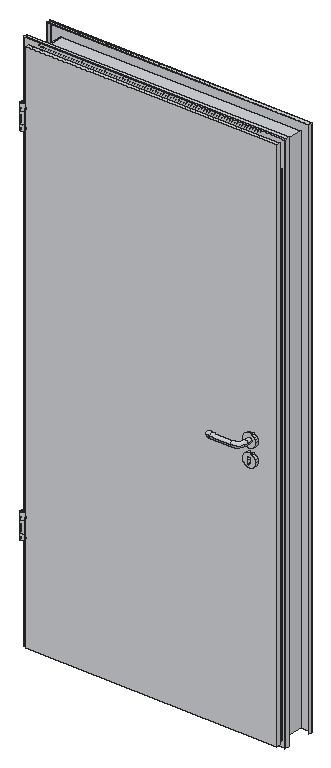
Revit family "BOS-Blockzarge-15ZBud-zw-2-Waenden_Familie", category Türen, Revit 2017 (continued)
Definition of nested family "BOS-Band-VX_Modell"
  Automatic sketch dimensions
    Extrusion 4 sketch curve to Extrusion 4 sketch curve = 1.75 mm
    Extrusion 5 sketch curve to Extrusion 5 sketch curve = 0 mm  (x6)
    curve 1 to Extrusion 5 sketch curve = 0 mm  (x2)
    Extrusion 5 sketch curve to curve 1 = 63.66 mm
    Extrusion 5 sketch curve to Extrusion 5 sketch curve = 3.031 mm
    Extrusion 5 sketch curve to curve 1 = 57.91 mm
    Extrusion 5 sketch curve to curve 1 = 56.564 mm
    Extrusion 5 sketch curve to Extrusion 5 sketch curve = 0.548 mm
    Extrusion 5 sketch curve to Extrusion 5 sketch curve = 1.017 mm
    Extrusion 5 sketch curve to curve 1 = 54.879 mm
    Extrusion 5 sketch curve to Extrusion 5 sketch curve = 3.25 mm
    Extrusion 5 sketch curve to Extrusion 5 sketch curve = 1.75 mm
    Extrusion 6 sketch curve to Extrusion 6 sketch curve = 0 mm  (x6)
    Extrusion 6 sketch curve to curve 1 = 0 mm  (x2)
    Extrusion 6 sketch curve to curve 1 = 5.051 mm
    Extrusion 6 sketch curve to Extrusion 6 sketch curve = 4.091 mm
    Extrusion 6 sketch curve to curve 1 = 7.771 mm
    Extrusion 6 sketch curve to Extrusion 6 sketch curve = 2.203 mm
    Extrusion 6 sketch curve to Extrusion 6 sketch curve = 7.729 mm
    Extrusion 7 sketch curve to Extrusion 7 sketch curve = 0 mm  (x6)
    Extrusion 7 sketch curve to curve 1 = 0 mm  (x2)
    Extrusion 7 sketch curve to curve 1 = 5.051 mm
    Extrusion 7 sketch curve to Extrusion 7 sketch curve = 4.091 mm
    Extrusion 7 sketch curve to curve 1 = 7.771 mm
    Extrusion 7 sketch curve to Extrusion 7 sketch curve = 2.203 mm
    Extrusion 7 sketch curve to Extrusion 7 sketch curve = 7.729 mm
    Extrusion 8 sketch curve to plane 1 = 0 mm
    plane 1 to Extrusion 8 sketch curve = 11.45 mm
    Extrusion 8 sketch curve to plane 3 = 11 mm
    Extrusion 8 sketch curve to plane 1 = 1.733 mm
    Extrusion 8 sketch curve to Extrusion 8 sketch curve = 1.151 mm
    Extrusion 8 sketch curve to Extrusion 8 sketch curve = 3.454 mm
    plane 1 to Extrusion 8 sketch curve = 7.193 mm
    Extrusion 8 sketch curve to Extrusion 8 sketch curve = 0.599 mm
    Extrusion 8 sketch curve to plane 1 = 1.214 mm
    Extrusion 8 sketch curve to Extrusion 8 sketch curve = 3.496 mm
    plane 1 to Extrusion 8 sketch curve = 4.667 mm
    Extrusion 8 sketch curve to Extrusion 8 sketch curve = 2.431 mm
    Extrusion 8 sketch curve to Extrusion 8 sketch curve = 0.001 mm
    Extrusion 8 sketch curve to Extrusion 8 sketch curve = 0.021 mm
    Extrusion 8 sketch curve to plane 1 = 0.017 mm
    Extrusion 8 sketch curve to Extrusion 8 sketch curve = 0.149 mm
    Extrusion 8 sketch curve to Extrusion 8 sketch curve = 2.05 mm
    Extrusion 9 sketch curve to Extrusion 9 sketch curve = 0 mm  (x6)
    Extrusion 9 sketch curve to curve 1 = 0 mm
    curve 1 to Extrusion 9 sketch curve = 0 mm
    Extrusion 9 sketch curve to curve 1 = 5.051 mm
    Extrusion 9 sketch curve to Extrusion 9 sketch curve = 4.091 mm
    Extrusion 9 sketch curve to curve 1 = 7.771 mm
    Extrusion 9 sketch curve to Extrusion 9 sketch curve = 2.203 mm
    Extrusion 9 sketch curve to Extrusion 9 sketch curve = 7.729 mm
    Extrusion 10 sketch curve to Extrusion 10 sketch curve = 0 mm  (x6)
    Extrusion 10 sketch curve to curve 1 = 0 mm
    curve 1 to Extrusion 10 sketch curve = 0 mm
    Extrusion 10 sketch curve to curve 1 = 5.051 mm
    Extrusion 10 sketch curve to Extrusion 10 sketch curve = 4.091 mm
    Extrusion 10 sketch curve to curve 1 = 7.771 mm
    Extrusion 10 sketch curve to Extrusion 10 sketch curve = 2.203 mm
    Extrusion 10 sketch curve to Extrusion 10 sketch curve = 7.729 mm
    Extrusion 11 sketch curve to Extrusion 11 sketch curve = 0 mm  (x3)
    plane 1 to Extrusion 11 sketch curve = 0 mm
    Extrusion 11 sketch curve to plane 3 = 0 mm
    Extrusion 11 sketch curve to plane 1 = 1.171 mm
    Extrusion 11 sketch curve to Extrusion 11 sketch curve = 6.421 mm
    plane 1 to Extrusion 11 sketch curve = 7.193 mm
    Extrusion 11 sketch curve to Extrusion 11 sketch curve = 0.526 mm
    Extrusion 11 sketch curve to Extrusion 11 sketch curve = 0.553 mm
    Extrusion 11 sketch curve to plane 1 = 0.901 mm
    plane 1 to Extrusion 11 sketch curve = 10.603 mm
    Extrusion 11 sketch curve to Extrusion 11 sketch curve = 3.5 mm
    Extrusion 11 sketch curve to Extrusion 11 sketch curve = 0.158 mm
    Extrusion 11 sketch curve to Extrusion 11 sketch curve = 1.739 mm
    plane 1 to Extrusion 11 sketch curve = 4.695 mm
    Extrusion 12 sketch curve to Extrusion 12 sketch curve = 0 mm  (x6)
    curve 1 to Extrusion 12 sketch curve = 0 mm  (x2)
    curve 1 to Extrusion 12 sketch curve = 46.34 mm
    Extrusion 12 sketch curve to Extrusion 12 sketch curve = 3.031 mm  (x2)
    Extrusion 12 sketch curve to Extrusion 12 sketch curve = 5.75 mm
    Extrusion 12 sketch curve to Extrusion 12 sketch curve = 1.346 mm
    Extrusion 12 sketch curve to Extrusion 12 sketch curve = 0.548 mm
    Extrusion 12 sketch curve to Extrusion 12 sketch curve = 1.017 mm
    Extrusion 12 sketch curve to Extrusion 12 sketch curve = 3.25 mm
    Extrusion 12 sketch curve to Extrusion 12 sketch curve = 1.75 mm
    Extrusion 13 sketch curve to Extrusion 13 sketch curve = 0 mm  (x6)
    curve 1 to Extrusion 13 sketch curve = 0 mm  (x2)
    curve 1 to Extrusion 13 sketch curve = 46.34 mm
    Extrusion 13 sketch curve to Extrusion 13 sketch curve = 3.031 mm  (x2)
    Extrusion 13 sketch curve to Extrusion 13 sketch curve = 5.75 mm
    Extrusion 13 sketch curve to Extrusion 13 sketch curve = 1.346 mm
    Extrusion 13 sketch curve to Extrusion 13 sketch curve = 0.548 mm
    Extrusion 13 sketch curve to Extrusion 13 sketch curve = 1.017 mm
    Extrusion 13 sketch curve to Extrusion 13 sketch curve = 3.25 mm
    Extrusion 13 sketch curve to Extrusion 13 sketch curve = 1.75 mm
    radius of Sweep 1 sketch curve = 6.5 mm
Definition of nested family "BOS-BOS_Modell"
  Parameters (values of type "BOS-BOS_Modell")
    Abstand = 22 mm
  Reference planes
    plane 1: y = -0.827
    plane 2: z = 0
    plane 3: x = 0
    plane 4: x = -22
    plane 5: y = 1.673
    plane 6: y = -3.327
  Dimensions and locks
    "Abstand": plane 4 to plane 3
    plane 5 to plane 6 = 5 mm
    equal spacing: plane 5, plane 1, plane 6
    aligned and locked: level to plane 2
    aligned and locked: plane 1 to text3d elem
    aligned and locked: text3d elem to level
Definition of nested family "BOS-Nivellieranker_Detail"
  Parameters (values of type "BOS-Nivellieranker_Detail")
    Unterfütterungsstärke = 0 mm
    URL = "www.BestOfSteel.de"
    Stumpf-Gefälzt = if(Gefälzt, 28 mm, 46 mm)  # 28 mm
    Stumpf = no
    Schraubenabstand vorne = 17 mm
    Schraubenabstand hinten = 21 mm
    Rechtliche Hinweise = "www.BestOfSteel.de/tools-downloads/bim-building-information-modeling/"
    Putzwinkel vorne = 15 mm
    Nivellierankerlänge = if(GT Gesamttiefe > 119 mm, 80 mm + (Ankergröße * 25 mm), 87 mm)  # 205 mm
    MW Maulweite = 200 mm
    Manufacturer = "BOS GmbH Best Of Steel, Lütkenfelde 4, D-48282 Emsdetten"
    Gefälzt = yes
    GT Gesamttiefe = 230 mm
    Falzaufschlag gesamt = 15 mm
    Einfügepunkt = 22 mm
    Blechstärke = 1.5 mm
    Description = "Nivellieranker"
    Keynote = "BOS Detail"
    BOS-Architekten-Beratung = "Tel.: +49 (0) 2572 203-203; E-Mail: architekten@BestOfSteel.de\r\nTel.: +49 (0) 2572 203-203, Fax -209; E-Mail: architekten@BestOfSteel.de\r\nTel.: +49 (0) 2572 203-203, Fax -209; E-Mail: architekten@BestOfSteel.de"
    Ankergröße = rounddown((GT Gesamttiefe - 95 mm) / 25 mm)  # 5
    Technische Infos rund um die Stahlzarge = "www.BestOfSteel.de/tools-downloads/technische-infos-rund-um-die-stahlzarge/"
    Abstand vorne = 0 mm
    Abstand hinten = 0 mm
  Reference planes
    plane 1: z = 0
    plane 2: x = 0
    plane 3: x = 35.5
    plane 4: y = 193.247
    plane 5: y = 3.247
    plane 6: y = 16.747
    plane 7: y = 216.747
    plane 8: x = 20.5
    plane 9: y = 1.747
    plane 10: x = 37
    plane 11: x = 22
    plane 12: y = 48.247
    plane 13: y = 187.247
    plane 14: y = 208.247
    plane 15: y = 3.247
    plane 16: x = 8.5
    plane 17: y = 31.247
    plane 18: x = 2
    plane 19: y = 52.247
    plane 20: y = 44.247
    plane 21: y = 183.247
    plane 22: y = 191.247
    plane 23: x = 33.5
    plane 24: x = 0
    plane 25: y = 109.247
  Lines and regions (mm)
    detail lines, in view "Ref.-Ebene", not visible
      curve 1: arc (191, 231, 0) -> (192, 230, 0) -> (193, 231, 0) r 1
      curve 2: arc (193, 244, 0) -> (192, 245, 0) -> (191, 244, 0) r 1
      curve 3: line (193, 231, 0) -> (193, 244, 0)
      curve 4: line (191, 244, 0) -> (191, 231, 0)
      curve 11: line (234.876, 339.411, 0) -> (233.447, 342.424, 0)
      curve 12: line (233.447, 342.424, 0) -> (235.255, 343.281, 0)
      curve 13: line (235.255, 343.281, 0) -> (236.876, 339.862, 0)
      curve 14: line (236.876, 327.281, 0) -> (238.976, 327.281, 0)
      curve 15: line (238.976, 327.281, 0) -> (238.976, 328.281, 0)
      curve 16: line (236.876, 343.285, 0) -> (236.876, 327.281, 0)
    reference lines, in view "Ref.-Ebene", not visible
      curve 5: line (187.644, 237.5, 0) -> (197.644, 237.5, 0)
      curve 30: line (234.876, 339.411, 0) -> (234.876, 327.411, 0)
      curve 31: line (236.876, 343.285, 0) -> (241.876, 343.285, 0)
    detail lines, in view "Ref.-Ebene"
      curve 6: arc (0, 180.747, 0) -> (1, 179.747, 0) -> (2, 180.747, 0) r 1
      curve 7: arc (2, 193.747, 0) -> (1, 194.747, 0) -> (0, 193.747, 0) r 1
      curve 8: line (2, 180.747, 0) -> (2, 193.747, 0)
      curve 9: line (0, 193.747, 0) -> (0, 180.747, 0)
      curve 17: arc (0, 41.747, 0) -> (1, 40.747, 0) -> (2, 41.747, 0) r 1
      curve 18: arc (2, 54.747, 0) -> (1, 55.747, 0) -> (0, 54.747, 0) r 1
      curve 19: line (2, 41.747, 0) -> (2, 54.747, 0)
      curve 20: line (0, 54.747, 0) -> (0, 41.747, 0)
      curve 22: line (8.5, 204.373, 0) -> (7.072, 207.386, 0)
      curve 23: line (7.072, 207.386, 0) -> (8.879, 208.243, 0)
      curve 24: line (8.879, 208.243, 0) -> (10.5, 204.823, 0)
      curve 25: line (10.5, 192.243, 0) -> (12.6, 192.243, 0)
      curve 26: line (12.6, 192.243, 0) -> (12.6, 193.243, 0)
      curve 27: line (10.5, 208.247, 0) -> (10.5, 192.243, 0)
      curve 32: line (2, 191.247, 0) -> (8.5, 191.247, 0)
      curve 33: line (2, 183.247, 0) -> (8.5, 183.247, 0)
      curve 34: line (8.5, 52.247, 0) -> (2, 52.247, 0)
      curve 35: line (2, 44.247, 0) -> (8.5, 44.247, 0)
      curve 36: arc (18.158, 31.008, 0) -> (17.681, 31.374, 0) -> (17.5, 31.947, 0) r 1
      curve 37: arc (17.474, 29.128, 0) -> (16.043, 30.227, 0) -> (15.5, 31.947, 0) r 3
      curve 38: arc (18.526, 30.874, 0) -> (19.957, 29.775, 0) -> (20.5, 28.055, 0) r 3
      curve 39: arc (17.842, 28.994, 0) -> (18.319, 28.628, 0) -> (18.5, 28.055, 0) r 1
      curve 40: line (17.5, 31.947, 0) -> (17.5, 193.247, 0)
      curve 41: line (20.5, 28.055, 0) -> (20.5, 5.247, 0)
      curve 42: line (20.5, 5.247, 0) -> (10.5, 5.247, 0)
      curve 43: line (10.5, 5.247, 0) -> (10.5, 3.247, 0)
      curve 44: line (10.5, 3.247, 0) -> (8.5, 3.247, 0)
      curve 45: line (8.5, 3.247, 0) -> (8.5, 204.377, 0)
      curve 46: line (15.5, 193.247, 0) -> (15.5, 31.947, 0)
      curve 47: line (18.5, 5.247, 0) -> (18.5, 28.055, 0)
      curve 48: line (18.526, 30.874, 0) -> (18.158, 31.008, 0)
      curve 49: line (17.842, 28.994, 0) -> (17.474, 29.128, 0)
      curve 50: line (10.5, 208.247, 0) -> (35.5, 208.247, 0)
      curve 51: line (35.5, 193.247, 0) -> (10.5, 193.247, 0)
      curve 52: line (35.5, 208.247, 0) -> (35.5, 193.247, 0)
      curve 53: line (33.5, 193.247, 0) -> (33.5, 208.247, 0)
    reference lines, in view "Ref.-Ebene"
      curve 10: line (-3.356, 187.247, 0) -> (6.644, 187.247, 0)
      curve 21: line (-3.356, 48.247, 0) -> (6.644, 48.247, 0)
      curve 28: line (8.5, 204.373, 0) -> (8.5, 192.373, 0)
      curve 29: line (10.5, 208.247, 0) -> (15.5, 208.247, 0)
  Dimensions and locks
    "Blechstärke": plane 5 to plane 9
    "Putzwinkel vorne": plane 6 to plane 9
    "Blechstärke": plane 8 to plane 11
    "Einfügepunkt": plane 2 to plane 11
    "Blechstärke": plane 3 to plane 10
    "Falzaufschlag gesamt": plane 11 to plane 10
    locked: plane 4 to plane 14 at 15
    "Abstand vorne": plane 15 to plane 5
    plane 16 to plane 8 = 12 mm
    "Stumpf-Gefälzt": plane 17 to plane 15
    plane 19 to plane 20 = 8 mm
    locked: plane 21 to plane 22 at 8
    equal spacing: plane 19, plane 12, plane 20
    equal spacing: plane 21, plane 13, plane 22
    plane 23 to plane 3 = 2 mm
    "Schraubenabstand hinten": plane 14 to plane 13
    "Nivellierankerlänge": plane 14 to plane 15
    "Schraubenabstand vorne": plane 12 to plane 17
    plane 24 to plane 18 = 2 mm
    "Unterfütterungsstärke": plane 2 to plane 24
    equal spacing: plane 9, plane 25, plane 7
    "MW Maulweite": plane 6 to plane 7
    aligned and locked: curve 21 to plane 12
    aligned and locked: curve 10 to plane 13
    aligned and locked: plane 16 to curve 28
    aligned and locked: curve 29 to plane 14
    aligned and locked: plane 24 to curve 20
    aligned and locked: plane 24 to curve 9
  Automatic sketch dimensions
    curve 1 to curve 1 = 1 mm
    curve 1 to curve 3 = 13 mm
    curve 5 to curve 5 = 10 mm
    curve 6 to curve 6 = 1 mm
    curve 6 to curve 8 = 13 mm
    curve 10 to curve 10 = 10 mm
    curve 17 to curve 17 = 1 mm
    curve 17 to curve 19 = 13 mm
    curve 21 to curve 21 = 10 mm
    curve 22 to curve 23 = 1.807 mm
    curve 22 to curve 27 = 3.428 mm
    curve 25 to curve 26 = 2.1 mm
    curve 25 to curve 23 = 15.143 mm
    curve 22 to curve 23 = 0.857 mm
    curve 22 to curve 24 = 2 mm
    curve 25 to curve 26 = 1 mm
    curve 23 to curve 27 = 0.004 mm
    curve 11 to curve 12 = 1.807 mm
    curve 11 to curve 16 = 3.428 mm
    curve 14 to curve 15 = 2.1 mm
    curve 14 to curve 12 = 15.143 mm
    curve 11 to curve 12 = 0.857 mm
    curve 11 to curve 13 = 2 mm
    curve 14 to curve 15 = 1 mm
    curve 12 to curve 16 = 0.004 mm
    curve 28 to curve 29 = 2 mm
    curve 29 to curve 29 = 5 mm
    curve 28 to curve 28 = 12 mm
    curve 28 to curve 29 = 3.874 mm
    curve 30 to curve 31 = 2 mm
    curve 31 to curve 31 = 5 mm
    curve 30 to curve 30 = 12 mm
    curve 30 to curve 31 = 3.874 mm
    curve 35 to plane 18 = 0 mm
    curve 34 to plane 18 = 0 mm
    curve 33 to plane 18 = 0 mm
    curve 32 to plane 18 = 0 mm
    curve 33 to plane 16 = 0 mm
    curve 35 to plane 20 = 0 mm
    curve 34 to plane 19 = 0 mm
    curve 33 to plane 21 = 0 mm
    plane 22 to curve 32 = 0 mm
    curve 36 to curve 37 = 0 mm  (x2)
    curve 38 to curve 39 = 0 mm  (x2)
    curve 43 to plane 15 = 0 mm
    curve 40 to plane 4 = 0 mm
    curve 38 to plane 8 = 0 mm
    curve 53 to plane 23 = 0 mm
    curve 51 to plane 3 = 0 mm
    curve 53 to plane 14 = 0 mm
    plane 8 to curve 39 = 3 mm
    plane 17 to curve 36 = 0.7 mm
    plane 8 to curve 36 = 2 mm
    curve 39 to plane 17 = 3.193 mm
    curve 50 to plane 16 = 2 mm
    curve 44 to curve 44 = 2 mm
    curve 51 to plane 16 = 2 mm
    curve 51 to curve 46 = 5 mm
    curve 49 to curve 38 = 0.026 mm
    curve 46 to curve 40 = 2 mm
    curve 49 to curve 39 = 0.368 mm
    curve 48 to plane 17 = 0.239 mm
    plane 8 to curve 47 = 2 mm
    curve 38 to plane 17 = 0.373 mm
    plane 15 to curve 42 = 2 mm
    curve 45 to plane 14 = 3.87 mm
Definition of nested family "BOS-Info-Texte_Beschriftung"
  Parameters (values of type "Drehpunkt Warnung")
    Unten = no
    Schwarz = yes
    Rot = no
    Oben = yes
    Info-Text En unten = "Kein Text"
    Info-Text De unten = "Kein Text"
    Info-Text En oben = "The actual pivot point of the door leaf\r\nmay differ from the one illustrated!"
    Englisch unten rot = and(and(Unten, Englisch), Rot)  # no
    Englisch unten schwarz = and(and(Unten, Englisch), Schwarz)  # no
    Englisch oben rot = and(and(Oben, Englisch), Rot)  # no
    Englisch oben schwarz = and(and(Oben, Englisch), Schwarz)  # no
    Info-Text De oben = "Der tatsächliche Drehpunkt des Türblattes\r\nkann von der Darstellung abweichen!"
    Warndreieck = no
    Fehlerkreis = no
    Englisch = no
    Deutsch unten rot = and(and(Unten, Deutsch), Rot)  # no
    Deutsch unten schwarz = and(and(Unten, Deutsch), Schwarz)  # no
    Deutsch oben rot = and(and(Oben, Deutsch), Rot)  # no
    Deutsch oben schwarz = and(and(Oben, Deutsch), Schwarz)  # yes
    Deutsch = not(Englisch)  # yes
    Ausrufezeichen = "!"
  Types (12, lengths in mm): name | Unten | Schwarz | Rot | Oben | Info-Text En unten | Info-Text De unten | Info-Text En oben | Info-Text De oben | Warndreieck | Fehlerkreis | Deutsch unten schwarz | Deutsch oben rot | Deutsch oben schwarz
    Rechtliche Hinweise | no | yes | no | yes | "Kein Text" | "Kein Text" | "In accordance with the protection note according to DIN 34, the ownership and copyrights are reserved!\r\n© 2016 BOS GmbH, Emsdetten, Germany -\r\nObserve the ISO 16016 protective label (see ID data)!\r\n\r\nSubject to technical change!" | "Entsprechend dem Schutzvermerk nach DIN 34 behalten wir uns Eigentum und Urheberrecht vor!\r\n© 2016 BOS GmbH, Emsdetten, Deutschland -\r\nSchutzvermerk ISO 16016 beachten (siehe ID-Daten)!\r\n\r\nTechnische Änderungen vorbehalten!" | no | no | no | no | yes
    Maulweite Fehlermeldung | no | yes | no | yes | "Kein Text" | "Kein Text" | "Check the wall thickness!" | "Wandstärke prüfen!" | no | yes | no | no | yes
    Verstellbereich | no | yes | no | yes | "Kein Text" | "Kein Text" | "Adjustment area from -5 to +15mm,\r\nother adjustment areas possible" | "Verstellbereich von -5 bis +15mm\r\nanderer Verstellbereich möglich" | no | no | no | no | yes
    Verstellbereich wSvdW | no | yes | no | yes | "Kein Text" | "Kein Text" | "Adjustment area in the soffit from -2 to +15mm,\r\nother adjustment areas possible" | "Verstellbereich in der Zargenleibung von -2 bis +15mm\r\nanderer Verstellbereich möglich" | no | no | no | no | yes
    Wandartauswahl 15Nz15Z | no | yes | no | yes | "Kein Text" | "Kein Text" | "Attention for stud walls: underlay from site required!\r\nFor DIN door leaves, select larger structural wall measurements.\r\nFor selection \"stud walls\":\r\nsee 'Features' (remove tick for brick walls)" | "Achtung bei Ständerwerk: bauseitige Unterfütterung erforderlich!\r\nBei DIN-Türblatt Rohbaumaße größer wählen.\r\nFür Auswahl \"Ständerwerk\": \r\nsiehe 'Eigenschaften' (Häkchen entfernen bei Mauerwerk)." | no | no | no | no | yes
    Technische Hinweise | no | yes | no | yes | "Kein Text" | "Kein Text" | "Due to manufacturing reasons this Revit family may not be changed\r\nwithout consulting BOS!\r\n\r\nDo not mirror frames (door list)!\r\nsee ‘Features’: DIN left / DIN right\r\n\r\nThe solid and stud walls or, for example, their profiles,\r\nmust be designed so that they can reliably and sustainably\r\nabsorb the static and dynamic forces resulting\r\nfrom the load on the door element used." | "Diese Revit-Familie darf aus fertigungstechnischen Gründen\r\nnicht ohne Rücksprache mit BOS abgeändert werden!\r\n\r\nZargen nicht spiegeln (Türliste)!\r\nsiehe 'Eigenschaften': DIN links / DIN rechts\r\n\r\nDie Massiv- und Ständerwerkswände bzw. deren Profile\r\nmüssen so ausgebildet sein, dass sie die statischen\r\nund dynamischen Kräfte, welche sich aus der Belastung\r\nder verwendeten Türelements ergeben, zuverlässig\r\nund nachhaltig aufnehmen können." | no | no | no | no | yes
    Drückerhöhe Warnung | yes | yes | no | no | "Please take the handle depth/height and/or DIN opening direction into account" | "Drückertiefen/-höhen und/oder DIN Richtungen beachten/anpassen!" | "Kein Text" | "Kein Text" | yes | no | yes | no | no
    Maulweite-Dehnungsfuge Fehlermeldung | no | yes | no | yes | "Kein Text" | "Kein Text" | "Check the wall thickness and/or expansion joint!" | "Wandstärke und/oder Dehnungsfuge prüfen!" | no | yes | no | no | yes
    Technische Hinweise Norm | no | yes | no | yes | "Kein Text" | "Kein Text" | "Due to manufacturing reasons this Revit family may not be changed\r\nwithout consulting BOS!\r\n\r\nThe solid and stud walls or, for example, their profiles,\r\nmust be designed so that they can reliably and sustainably\r\nabsorb the static and dynamic forces resulting\r\nfrom the load on the door element used." | "Diese Revit-Familie darf aus fertigungstechnischen Gründen\r\nnicht ohne Rücksprache mit BOS abgeändert werden!\r\n\r\nDie Massiv- und Ständerwerkswände bzw. deren Profile\r\nmüssen so ausgebildet sein, dass sie die statischen\r\nund dynamischen Kräfte, welche sich aus der Belastung\r\nder verwendeten Türelements ergeben, zuverlässig\r\nund nachhaltig aufnehmen können." | no | no | no | no | yes
    Maßauswahl | no | no | yes | yes | "Kein Text" | "Kein Text" | "To choose  Rebate Width/Height Measurement, Receiving Opening\r\nsee 'Features'" | "Auswahl von FMB, FMH, MW\r\nunter 'Eigenschaften'" | no | no | no | yes | no
    Rohbaumaß Warnung | no | yes | no | yes | "Kein Text" | "Kein Text" | "For DIN door leaves, select larger structural wall measurements!\r\nWhen changing the architrave widths, the structural measurements change accordingly." | "Bei DIN-Türblatt Rohbaumaße größer wählen!\r\nBei Änderung der Spiegelbreiten, Rohbaumaße beachten." | no | no | no | no | yes
    Drehpunkt Warnung | no | yes | no | yes | "Kein Text" | "Kein Text" | "The actual pivot point of the door leaf\r\nmay differ from the one illustrated!" | "Der tatsächliche Drehpunkt des Türblattes\r\nkann von der Darstellung abweichen!" | no | no | no | no | yes
  Reference planes
    plane 1: y = 0.955
    plane 2: x = 0
  Lines and regions (mm)
    Filled region 1, type "Gefüllter Bereich Gelb", visible <- "Warndreieck"
      outline origin (-7.188, 1.747, 0) x (1, 0, 0) y (0, 1, 0)
        loop
          line (5.951, -3.033) -> (8.413, -3.033) -> (7.182, -0.9) -> (5.951, -3.033)
    Filled region 2, type "Gefüllter Bereich Rot", visible <- "Fehlerkreis"
      outline origin (0, -3.763, 0) x (1, 0, 0) y (0, 1, 0)
        loop
          circle (0, 3.1) r 1.5
        loop
          line (-0.937, 3.486) -> (-0.937, 2.686) -> (1.023, 2.686) -> (1.023, 3.486) -> (-0.937, 3.486)
    Filled region 3, type "Gefüllter Bereich Weiss", visible <- "Fehlerkreis"
      outline origin (-7.014, -2.062, 0) x (1, 0, 0) y (0, 1, 0)
        loop
          line (6.077, 1.785) -> (6.077, 0.985) -> (8.038, 0.985) -> (8.038, 1.785) -> (6.077, 1.785)
  Text (mm)
    label "Info-Text De oben schwarz" at (0.065, 1.415, 0), shows "Info-Text De oben", visible <- "Deutsch oben schwarz"
    label "!" at (0.065, -0.414, 0), shows "Ausrufezeichen", visible <- "Warndreieck"
    label "Info-Text En oben schwarz" at (0.065, 1.415, 0), shows "Info-Text En oben", visible <- "Englisch oben schwarz"
    label "Info-Text De unten schwarz" at (0.218, -2.468, 0), shows "Info-Text De unten", visible <- "Deutsch unten schwarz"
    label "Info-Text En unten schwarz" at (0.065, -2.419, 0), shows "Info-Text En unten", visible <- "Englisch unten schwarz"
    label "Info-Text En oben rot" at (0.065, 1.415, 0), shows "Info-Text En oben", visible <- "Englisch oben rot"
    label "Info-Text En unten rot" at (0.065, -2.419, 0), shows "Info-Text En unten", visible <- "Englisch unten rot"
    label "Info-Text De unten rot" at (0.065, -2.419, 0), shows "Info-Text De unten", visible <- "Deutsch unten rot"
    label "Info-Text De oben rot" at (-0.371, 1.396, 0), shows "Info-Text De oben", visible <- "Deutsch oben rot"
Definition of nested family "BOS-Logo_Modell"
  Parameters (values of type "BOS-Logo_Modell")
    URL = "www.BestOfSteel.de"
    Rechtliche Hinweise = "www.BestOfSteel.de/tools-downloads/bim-building-information-modeling/"
    Description = "BOS Logo"
    Keynote = "BOS Logo"
    BOS-Architekten-Beratung = "Tel.: +49 (0) 2572 203-203; E-Mail: architekten@BestOfSteel.de"
    Technische Infos rund um die Stahlzarge = "www.BestOfSteel.de/tools-downloads/technische-infos-rund-um-die-stahlzarge/"
    Abstand vertikal = 10 mm
    Abstand horizontal = 15 mm
  Reference planes
    plane 1: y = 0
    plane 2: z = 0
    plane 3: x = 0
    plane 4: x = -7
    plane 5: x = 7
    plane 6: y = 8.299
    plane 7: x = 15
    plane 8: y = 4.15
    plane 9: x = -15
    plane 10: y = 14.15
    plane 11: y = -5.85
  Dimensions and locks
    plane 4 to plane 3 to plane 5 = 7 mm, 7 mm
    "Abstand vertikal": plane 11 to plane 8 to plane 10
    plane 6 to plane 8 to plane 1 = 4.15 mm, 4.15 mm
    "Abstand horizontal": plane 9 to plane 3
    "Abstand horizontal": plane 3 to plane 7
    aligned and locked: level to plane 2
Types (4, lengths in mm): name | Türblattabstand 1 | Türblattversatz vertikal | Türblattversatz horizontal | Stumpf | Spiegel hinten min. | Spiegel hinten max. | LDH Lichte Durchgangs Höhe   Clearance Height | LDB Lichte Durchgangs Breite   Clearance Width | Gefälzt | Türblattstärke 3 | Türblattstärke 2 | Türblattstärke 1 | Türblattstärke | Spiegel hinten   Architrave Back | Spiegel hinten | Falztiefe gesamt | Falztiefe | Falzaufschlag gesamt | Drehpunktposition vertikal | Drehpunktposition horizontal | Drehpunktabstand (SP) vertikal | Drehpunktabstand (FM) horizontal | Doppelfalz | Einfachfalz | Dichtungsversatz vertikal 2 | Dichtungsversatz vertikal 1 | Dichtung 2 | Bänder - Auswahl | 15ZBsFd | 15ZBuFd | Modell | 15ZBud | 15ZBsd | Beschreibung
  15ZBud zwischen 2 Wänden | 1.5 | -3.5 | 11.5 | no | 45 | 45 | 2093 | 936 | yes | 0 | 25.5 | 14.5 | 40 | 45 | 45 | 28.5 | 28.5 | 15 | 227.5 | 1522 | 12.5 | 21 | no | yes | 48.5 | 23.5 | no | "3D Bänder gefälzt, Bandaufnahmen BVX11000" | no | no | "15ZBud zwischen 2 Wänden" | yes | no | "2-schalige Blockzarge zwischen 2 Wänden, gefälzt, Duo 15Z"
  15ZBuFd zwischen 2 Wänden | 1.5 | -3.5 | 11.5 | no | 60 | 60 | 2078 | 906 | yes | 25 | 25.5 | 14.5 | 65 | 60 | 60 | 53.5 | 28.5 | 30 | 227.5 | 1522 | 12.5 | 21 | yes | no | 48.5 | 23.5 | yes | "3D Bänder gefälzt, Bandaufnahmen BVX11000" | no | yes | "15ZBuFd zwischen 2 Wänden" | no | no | "2-schalige Blockszarge zwischen 2 Wänden, gefälzt, mit Doppelfalz, Duo 15Z"
  15ZBsd zwischen 2 Wänden | -2 | 15.5 | 6 | yes | 45 | 45 | 2093 | 936 | no | 0 | 40 | 0 | 40 | 45 | 45 | 46.5 | 46.5 | 15 | 228.5 | 1503.5 | 13.5 | 2.5 | no | yes | 66.5 | 41.5 | no | "3D Bänder stumpf, Bandaufnahmen BVX11000" | no | no | "15ZBsd zwischen 2 Wänden" | no | yes | "2-schalige Blockzarge zwischen 2 Wänden, stumpf, Duo 15Z"
  15ZBsFd zwischen 2 Wänden | -2 | 15.5 | 6 | yes | 60 | 60 | 2078 | 906 | no | 25 | 40 | 0 | 65 | 60 | 60 | 71.5 | 46.5 | 30 | 228.5 | 1503.5 | 13.5 | 2.5 | yes | no | 66.5 | 41.5 | yes | "3D Bänder stumpf, Bandaufnahmen BVX11000" | yes | no | "15ZBsFd zwischen 2 Wänden" | no | no | "2-schalige Blockzarge zwischen 2 Wänden, stumpf, mit Doppelfalz, Duo 15Z"
